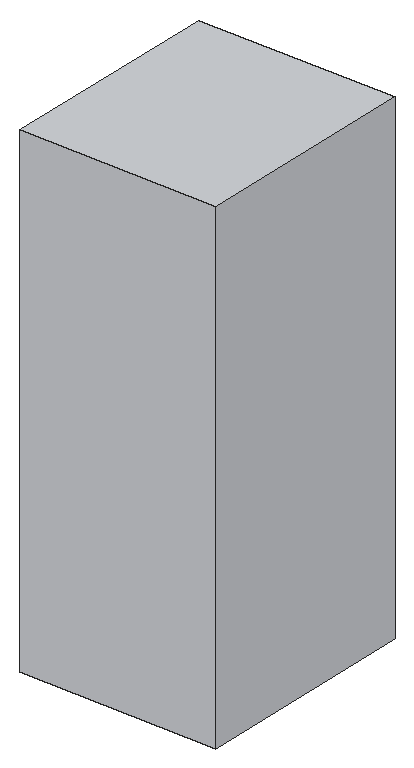
Revit family "Kinzo -260 - Black_", category Lighting Fixtures, host Wall, Revit 2018
Family settings
  Host = Wall
  Round Connector Dimension = Use Diameter
  Part Type = Normal
  OmniClass Number = 23.80.70.00
  OmniClass Title = Lighting
  Always vertical = Yes
  Cut with Voids When Loaded = No
  Light Source = Yes
  Shared = No
  Room Calculation Point = No
Parameters (values of type "CE")
  Wattage = 15.1 W
  built-in parameter 1150110 = 1 (stored number, unit not read)
  URL = "www.astrolighting.com"
  built-in parameter 1114217 = 1 (stored number, unit not read)
  Tilt Angle = 0.00°
  built-in parameter 1150109 = 1 (stored number, unit not read)
  built-in parameter 1150134 = (empty or 0)
  built-in parameter 1150113 = 1 (stored number, unit not read)
  Photometric Web File = "GNC-20244 8176 - Kinzo 260 - Black.ies"
  built-in parameter 1150105 = 36.049 (stored number, unit not read)
  Lumens = 453 lm
  built-in parameter 1150115 = 1 (stored number, unit not read)
  built-in parameter 1150137 = (empty or 0)
  built-in parameter 1150139 = (empty or 0)
  built-in parameter 1150112 = 1 (stored number, unit not read)
  built-in parameter 1150114 = 1 (stored number, unit not read)
  built-in parameter 1150132 = (empty or 0)
  built-in parameter 1150102 = (empty or 0)
  built-in parameter 1150107 = 2700 (stored number, unit not read)
  built-in parameter 1150138 = (empty or 0)
  built-in parameter 1150106 = 0.36049 (stored number, unit not read)
  built-in parameter 1150104 = 2.7871 (stored number, unit not read)
  Dimming Lamp Color Temperature Shift = <None>
  Color Filter = 16777215
  built-in parameter 1114218 = 1 (stored number, unit not read)
  built-in parameter 1150133 = 10 (stored number, unit not read)
  ADA compliant = "Yes"
  Product SKU = 1398013
  Product Name = "Kinzo 260"
  Product Location = "Indoor"
  Product Code = 8176
  Power (Watts) = "15.1"
  Manufacturer = "Astro Lighting Ltd"
  Main Material = "Metal - Alu"
  Main Finish = "Black"
  Light Source Fixed = "Yes"
  Length of Cable Supplied = "Not supplied"
  Lamp = "LED"
  Location rating = "IP20"
  Electrical Class = 1
  Efficacy (lm/w) = "30"
  Driver Required = "No"
  Driver Included = "Integral"
  Dimming Method = "Phase Dimming"
  Dimmable = "Yes"
Types (2, lengths in mm): name | Wattage | Tilt Angle | built-in parameter 1150134 | Photometric Web File | built-in parameter 1150105 | Lumens | built-in parameter 1150107 | built-in parameter 1150106 | built-in parameter 1150104 | ADA compliant | Product SKU | Product Name | Product Location | Product Code | Power (Watts) | Main Material | Main Finish | Light Source Fixed | Length of Cable Supplied | Lamp | Location rating | Electrical Class | Efficacy (lm/w) | Driver Included | Dimming Method | Dimmable
  CE | 15.1 W | 0.00° | (empty or 0) | "GNC-20244 8176 - Kinzo 260 - Black.ies" | 36.049 (stored number, unit not read) | 453 lm | 2700 (stored number, unit not read) | 0.36049 (stored number, unit not read) | 2.7871 (stored number, unit not read) | "Yes" | 1398013 | "Kinzo 260" | "Indoor" | 8176 | "15.1" | "Metal - Alu" | "Black" | "Yes" | "Not supplied" | "LED" | "IP20" | 1 | "30" | "Integral" | "Phase Dimming" | "Yes"
  ETL | 9.2903 W | 60.00° | 3 | "generic" | 109.82 (stored number, unit not read) | 1380 lm | 3200 (stored number, unit not read) | 1.0982 (stored number, unit not read) | 13.8 (stored number, unit not read) | "NO" | 1234001 | "" | "Bathroom" | 1234 | "" | "Metal - Steel" | "" | "" | "" | 0 | "DAMP" | 0 | "" | "" | "" | ""
Reference planes
  plane 1: y = 0
  plane 2 "Light Source Axis (L/R)": x = 125
  plane 3 "Light Source Axis (F/R)": y = 150
  plane 4 "Light Source Elevation": z = 1800
Forms (mm)
  Extrusion 1, solid
    sketch origin (124.996, 0, 69.15) x (0, 1, 0) y (0, 0, 1)
      loop
        line (0, 380) -> (0, 120) -> (120, 120) -> (120, 380) -> (0, 380)
    from -52.5 to 52.5
Text (mm)
  text "Placement side" at (-1787.139, 1116.779, 0), in view "Ref. Level"
  text "Placement side" at (0, 2110.396, 2986.058), in view "Left"
  text "Placement side" at (0, 628.478, 3011.967), in view "Right"
Dimensions and locks
  locked: host wall to plane 1 at 75
